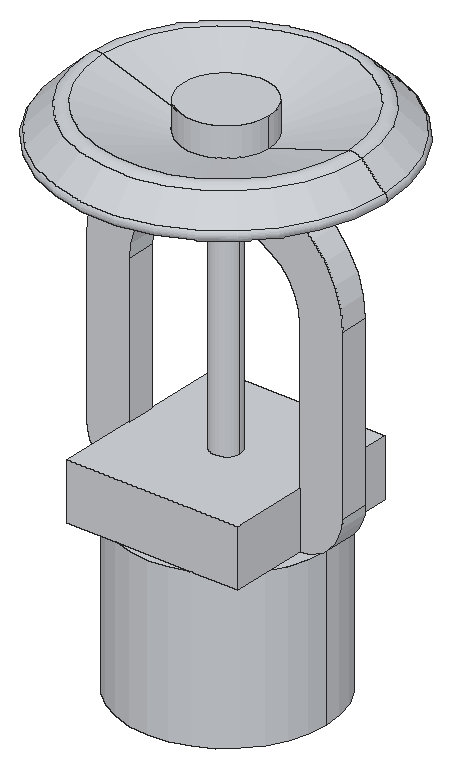
Revit family
Parameters (values of type "RASCO F156 CONVENTIONAL")
  URL = ""
  Temperature Rating = 200 °F
  Response = (empty or 0)
  RASCO SIN # = "RA1325"
  RASCO Part # = "F56C2B"
  Pressure Rating = "175 PSI"
  Pressure Class = (empty or 0)
  Orifice Size = 1/2"
  Orifice = (empty or 0)
  Model = "F156"
  Manufacturer = "RASCO"
  K-Factor = 5.6
  Description = "Bronze Finish"
  Coverage = (empty or 0)
Reference planes (in)
  plane 1 "Center (Front/Back)": y = 0
  plane 2: z = 0
  plane 3 "Center (Left/Right)": x = 0
Nested families (in)
  nested 1: "F56C2B" at (0, 0, 0), type "RASCO F156 CONVENTIONAL"
Connectors (in)
  piping at (0, 0, 0)
    settings: on nested 1, index 1, connector radius 55/128", flow factor 0, pipe flow 0 GPM, pressure drop 0.00 psi, fitting loss kfactor 0, connector angle 0.00°, fixture units 0, flow configuration 0, flow direction 0, fitting loss method 0, system type 7, connector reference index -1, connector utility 0, adjustable connector no, is connector primary yes, fitting loss table "", connector description ""
Definition of nested family "F56C2B"
  Parameters (values of type "RASCO F156 CONVENTIONAL")
    Type Comments = ""
    Temperature Rating = 0 °F
    Response = (empty or 0)
    Pressure Rating = "0"
    Pressure Class = (empty or 0)
    Orifice Size = 0"
    Orifice = (empty or 0)
    Model = ""
    Manufacturer = ""
    K-Factor = 0
    Description = ""
    Coverage = (empty or 0)
    Assembly Code = ""
  Reference planes (in)
    plane 1 "Center (Front/Back)": y = 0
    plane 2: z = 0
    plane 3 "ref.2": z = 0.6875
    plane 4 "ref.3": z = 0.9375
    plane 5: x = -0.38065
    plane 6: x = 0.36935
    plane 7 "ref. side 1": y = 0.06402
    plane 8 "ref. side 2": y = -0.06098
    plane 9 "ref.4": z = 1.875
    plane 10 "ref.5": z = 2.3125
    plane 11 "ref.6": z = 2.4375
  Forms (in)
    Extrusion 1, solid
      sketch origin (0, 0, 0) x (1, 0, 0) y (0, 1, 0)
        loop
          circle (0, 0) r 0.4375
      from 0 to 0.6875
    Extrusion 2, solid
      sketch origin (-0.12185, 0.05177, 0.6875) x (1, 0, 0) y (0, 1, 0)
        loop
          line (-0.2588, 0.356) -> (-0.2588, -0.4565) -> (0.4912, -0.4565) -> (0.4912, 0.356) -> (-0.2588, 0.356)
      from 0 to 0.25
    Extrusion 3, solid
      sketch origin (0, 0, 0) x (1, 0, 0) y (0, 0, 1)
        loop
          line (-0.38065, 0.68754) -> (-0.38065, 1.58397)
          arc (-0.38065, 1.58397) -> (-0.29541, 1.78976) -> (-0.08962, 1.875) r 0.29103
          line (-0.08962, 1.875) -> (0.07524, 1.875)
          arc (0.07524, 1.875) -> (0.28321, 1.78886) -> (0.36935, 1.58089) r 0.29411
          line (0.36935, 1.58089) -> (0.36935, 0.68751)
          arc (0.36935, 0.68751) -> (0.50207, 0.74393) -> (0.55685, 0.87734) r 0.18984
          line (0.55685, 0.87734) -> (0.55685, 1.61676)
          arc (0.55685, 1.61676) -> (0.42629, 1.93194) -> (0.11111, 2.0625) r 0.44574
          line (0.11111, 2.0625) -> (-0.12259, 2.0625)
          arc (-0.12259, 2.0625) -> (-0.43765, 1.932) -> (-0.56815, 1.61694) r 0.44556
          line (-0.56815, 1.61694) -> (-0.56815, 0.87876)
          arc (-0.56815, 0.87876) -> (-0.51345, 0.74486) -> (-0.38065, 0.68754) r 0.19126
      from -0.06402 to 0.06098
    Extrusion 4, solid
      sketch origin (0, 0, 0.9375) x (-1, 0, 0) y (0, -1, 0)
        loop
          circle (0.00574, -0.00152) r 0.0625
      from 0 to 0.9375
    Extrusion 5, solid
      sketch origin (0, 0, 1.875) x (-1, 0, 0) y (0, -1, 0)
        loop
          circle (0.00574, -0.00152) r 0.1875
      from 0 to 0.4375
    Revolve 6, solid
      sketch origin (0, 0, -0.12636) x (1, 0, 0) y (0, 0, 1)
        loop
          line (-0.19416, 2.3128) -> (-0.5453, 2.42689)
          arc (-0.5453, 2.42689) -> (-0.57577, 2.42817) -> (-0.60249, 2.41349) r 0.05672
          line (-0.60249, 2.41349) -> (-0.70574, 2.3125)
          arc (-0.70574, 2.3125) -> (-0.70595, 2.27395) -> (-0.66741, 2.27416) r 0.02711
          line (-0.66741, 2.27416) -> (-0.5909, 2.35067)
          arc (-0.5909, 2.35067) -> (-0.56418, 2.36563) -> (-0.53359, 2.36443) r 0.0564
          line (-0.53359, 2.36443) -> (-0.19416, 2.25415) -> (-0.19416, 2.3128)
        axis (-0.00574, 2.42689) -> (-0.00574, 2.25415)
      angle from 0 to 360
  Cuts and joins
    joined: Extrusion 1, Extrusion 2, Extrusion 4
  Lines and regions (in)
    model lines
      curve 1: line (-0.00574, 0.06402, 1.875) -> (-0.00574, -0.06098, 1.875)
